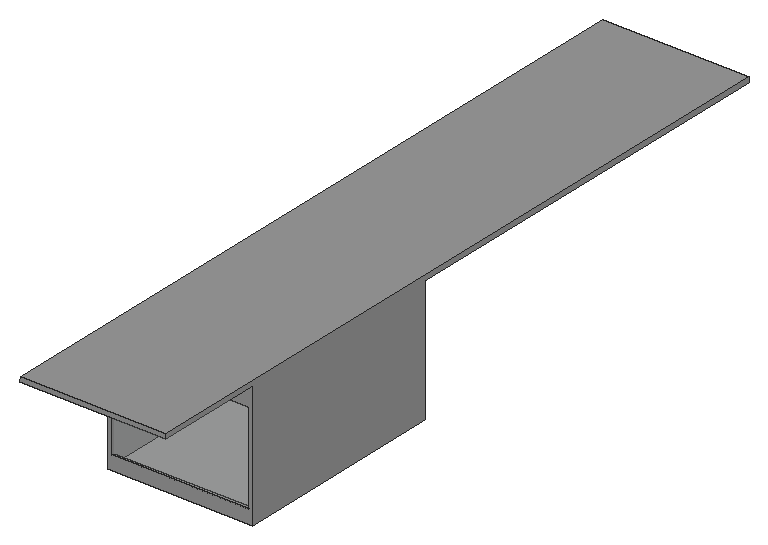
Revit family "3-504-14 Reflex", category Lighting Fixtures, Revit 2015
Parameters
  Metal Finish = 14-Polished Chrome
  Diffuser = Glass
  Wattage = 5.19718 W
  built-in parameter 1150110 = 1 (stored number, unit not read)
  URL = "http://www.oxygenlighting.com"
  Type Comments = "Lighting - LED"
  built-in parameter 1114217 = 1 (stored number, unit not read)
  Tilt Angle = 90.00°
  built-in parameter 1150109 = 1 (stored number, unit not read)
  built-in parameter 1150134 = (empty or 0)
  built-in parameter 1150113 = 1 (stored number, unit not read)
  Product Documentation Link = ""
  Power Factor = 0.722
  Photometric Web File = "Reflex 3-504-xx ITL82260.IES"
  Model = "3-204-14"
  Manufacturer = "Oxygen Lighting.com"
  built-in parameter 1150105 = 61.434 (stored number, unit not read)
  Lumens = 772 lm
  built-in parameter 1150115 = 1 (stored number, unit not read)
  built-in parameter 1150137 = (empty or 0)
  built-in parameter 1150139 = (empty or 0)
  built-in parameter 1150112 = 1 (stored number, unit not read)
  Lamp Manufacturer = "Lamp not supplied by manufacturer"
  built-in parameter 1150114 = 1 (stored number, unit not read)
  Lamp = "2x7W GU10 LED"
  Junction Box = "2\"x3\" J-Box, 4\" octagonal w.optional backplate"
  Input Voltage (V) = 120
  Input Power (W) = 14.3
  Input Current (A) = 0.165
  built-in parameter 1150132 = 2
  built-in parameter 1150102 = (empty or 0)
  built-in parameter 1150107 = 3000 (stored number, unit not read)
  built-in parameter 1150138 = (empty or 0)
  built-in parameter 1150106 = 0.61434 (stored number, unit not read)
  Fixture Width = 0' - 3.99477"
  Fixture Height = 1' - 8"
  Fixture Depth = 0' - 3 9/16"
  Emit from Rectangle Width = 0' - 3"
  Emit from Rectangle Length = 0' - 3"
  Emit Shape Visible in Rendering = no
  built-in parameter 1150104 = 13.8 (stored number, unit not read)
  Driver Manufacturer = "n/a"
  Dimming Lamp Color Temperature Shift = <None>
  Description = "20\" wall sconce"
  Default Elevation = 4' - 0"
  Color Filter = 16777215
  built-in parameter 1114218 = 1 (stored number, unit not read)
  built-in parameter 1150133 = 10 (stored number, unit not read)
  Apparent Load = 14.3 VA
  ADA Compliant = yes
Reference planes (in)
  plane 1 "Light Source Axis (F/B)": y = 0
  plane 2: z = 0
  plane 3 "Light Source Axis (L/R)": x = 0
  plane 4 "Light Source Elevation": z = 54
  plane 5: y = -2.95012
  plane 6: y = 2.95012
Forms (in)
  Extrusion 1, solid, material "14-Polished Chrome" <- "Metal Finish"
    sketch origin (0, 0, 0) x (0, 1, 0) y (0, 0, 1)
      loop
        line (14.04988, 3.5625) -> (-5.95012, 3.5625) -> (-5.95012, 3.437) -> (-2.95012, 3.437) -> (-2.95012, 2.875) -> (-2.82512, 2.875) -> (-2.82512, 3.437) -> (2.8301, 3.437) -> (2.8301, 2.875) -> (2.95012, 2.875) -> (2.95012, 3.437) -> (14.04988, 3.437) -> (14.04988, 3.5625)
      loop
        line (2.95012, 0.375) -> (2.88712, 0.375) -> (2.88712, 0.125) -> (-2.88712, 0.125) -> (-2.88712, 0.375) -> (-2.95012, 0.375) -> (-2.95012, 0) -> (2.95012, 0) -> (2.95012, 0.375)
    from -1.99738 to 1.99738
  Extrusion 2, solid, material "14-Polished Chrome" <- "Metal Finish"
    sketch origin (0, 0, 0) x (0, 1, 0) y (0, 0, 1)
      loop
        line (2.95012, 3.437) -> (-2.95012, 3.437) -> (-2.95012, 0) -> (2.95012, 0) -> (2.95012, 3.437)
    from -1.99738 to -1.87238
  Extrusion 3, solid, material "14-Polished Chrome" <- "Metal Finish"
    sketch origin (0, 0, 0) x (0, 1, 0) y (0, 0, -1)
      loop
        line (2.95012, -3.437) -> (2.95012, 0) -> (-2.95012, 0) -> (-2.95012, -3.437) -> (2.95012, -3.437)
    from -1.99738 to -1.87238
  Extrusion 4, solid, material "Glass" <- "Diffuser"
    sketch origin (0, 0, 0) x (0, 1, 0) y (0, 0, 1)
      loop
        line (2.88712, 0.125) -> (2.88712, 3.437) -> (2.76312, 3.437) -> (2.76312, 0.125) -> (2.88712, 0.125)
      loop
        line (-2.88712, 0.125) -> (-2.70012, 0.125) -> (-2.70012, 3.375) -> (-2.88712, 3.375) -> (-2.88712, 0.125)
    from -1.87238 to 1.87238
Cuts and joins
  joined: Extrusion 1, Extrusion 2, Extrusion 3
Dimensions and locks (in)
  "Fixture Height": cut or joined group of Extrusion 1, Extrusion 2, Extrusion 3 to cut or joined group of Extrusion 1, Extrusion 2, Extrusion 3
  "Fixture Width": cut or joined group of Extrusion 1, Extrusion 2, Extrusion 3 to cut or joined group of Extrusion 1, Extrusion 2, Extrusion 3
  "Fixture Depth": cut or joined group of Extrusion 1, Extrusion 2, Extrusion 3 to level
  aligned and locked: level to plane 2
Automatic sketch dimensions
  Extrusion 1 sketch curve to level = 0' - 0"
  Extrusion 1 sketch curve to plane 5 = 0' - 0"  (x2)
  Extrusion 1 sketch curve to plane 6 = 0' - 0"  (x2)
  Extrusion 1 sketch curve to Extrusion 1 sketch curve = 0' - 3"
  plane 5 to Extrusion 1 sketch curve = 0' - 0.063"
  plane 5 to Extrusion 1 sketch curve = 0' - 0 1/8"
  Extrusion 1 sketch curve to plane 6 = 0' - 0.12003"
  Extrusion 1 sketch curve to plane 6 = 0' - 0.063"
  level to Extrusion 1 sketch curve = 0' - 3.437"
  Extrusion 1 sketch curve to Extrusion 1 sketch curve = 0' - 11.09975"
  level to Extrusion 1 sketch curve = 0' - 0 1/8"
  Extrusion 1 sketch curve to Extrusion 1 sketch curve = 0' - 0 1/4"  (x2)
  Extrusion 1 sketch curve to Extrusion 1 sketch curve = 0' - 0.562"
  Extrusion 1 sketch curve to Extrusion 1 sketch curve = 0' - 2 1/2"
  Extrusion 1 sketch curve to Extrusion 1 sketch curve = 0' - 0"  (x2)
  Extrusion 1 sketch curve to Extrusion 1 sketch curve = 0' - 0.1255"
  Extrusion 2 sketch curve to plane 5 = 0' - 0"
  Extrusion 2 sketch curve to level = 0' - 0"
  Extrusion 2 sketch curve to plane 6 = 0' - 0"
  level to Extrusion 2 sketch curve = 0' - 3.437"
  Extrusion 3 sketch curve to plane 5 = 0' - 0"
  Extrusion 3 sketch curve to level = 0' - 0"
  Extrusion 3 sketch curve to plane 6 = 0' - 0"
  Extrusion 3 sketch curve to Extrusion 3 sketch curve = 0' - 3.437"
  plane 5 to Extrusion 4 sketch curve = 0' - 0.063"
  Extrusion 4 sketch curve to Extrusion 4 sketch curve = 0' - 0.187"
  Extrusion 4 sketch curve to plane 6 = 0' - 0.187"
  Extrusion 4 sketch curve to plane 6 = 0' - 0.063"
  level to Extrusion 4 sketch curve = 0' - 0 1/8"  (x2)
  Extrusion 4 sketch curve to Extrusion 4 sketch curve = 0' - 3 1/4"
  Extrusion 4 sketch curve to Extrusion 4 sketch curve = 0' - 3.312"
